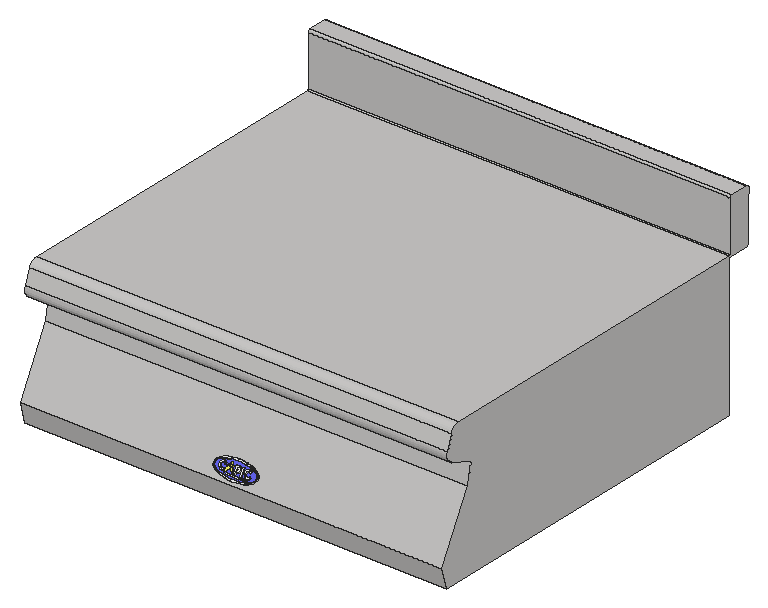
Revit family "QF_CAPIC_AVEN_W540608", category Equipement spécialisé, Revit 2018
Family settings
  Cote de connecteur circulaire = Utiliser le diamètre
  Type d'élément = Normal
  Numéro OmniClass = 23.40.40.14
  Titre OmniClass = Food Service Equipment
  Basée sur le plan de construction = Non
  Toujours verticalement = Oui
  Couper avec des vides une fois chargée = Non
  Partagée = Non
  Point de calcul de pièce = Non
Parameters (values of type "800 x 725 x 270 mm")
  URL catalogue = "http://www.capic-fr.com/fr/"
  Type de Raccord Plomberie [instance] = ""
  Type de Raccord Electrique [instance] = ""
  Type de Gaz = ""
  Type article [instance] = ""
  Tension = 0 V
  Spécification du Fabricant = ""
  Show Logo [instance] = yes
  Remarques evacuation [instance] = ""
  Remarques Plomberie [instance] = ""
  Remarques Electricité [instance] = ""
  Puissance électrique  = 0 W
  Puissance Gaz kW = 0
  Profondeur hors tout = 725 mm
  Pression Maximum Eau Adoucie = 0.0 Pa
  Poids net à vide = 15.00 kg
  Phase = 0
  Modèle = "W540608"
  Longueur hors tout = 800 mm
  Intensité nominale = 0 A
  Hauteur hors tout = 390 mm
  Hauteur de Raccordement du Sol Finis = 0 mm
  Hauteur de Raccordement Gaz du Sol Finis = 0 mm
  Hauteur de Raccordement Evacuation Directe du Sol Finis = 0 mm
  Hauteur de Raccordement Eau Froide du Sol Finis = 0 mm
  Hauteur de Raccordement Eau Chaude du Sol Finis = 0 mm
  Hauteur de Raccordement Eau Adoucie du Sol Finis = 0 mm
  Fréquence = 0 Hz
  Fabricant = "CAPIC"
  Débit d'air d'extraction = 0.0 m³/h
  Débit Gaz = 0.0 L/s
  Débit Eau Froide = 0.0 L/s
  Débit Eau Chaude = 0.0 L/s
  Débit Eau Adoucie = 0.0 L/s
  Diamètre de Raccordement Gaz = 0 mm
  Diamètre de Raccordement Evacuation = 0 mm
  Diamètre de Raccordement Eau Froide = 0 mm
  Diamètre de Raccordement Eau Chaude = 0 mm
  Diamètre de Raccordement Eau Adoucie = 0 mm
  Description = "Plan neutre dessus seul"
  Assembly Code = ""
  Classification  Omniclass nombre et titre = "23.40.40.14"
Reference planes
  plane 1 "Centre (avant/arrière)": y = 0
  plane 2: z = 0
  plane 3 "Centre (gauche/droite)": x = 0
  plane 4: x = 800
Forms (mm)
  Extrusion 1, solid, material "QF_Stainless Steel-Brushed"
    sketch origin (0, -45.05, 638) x (0, 1, 0) y (0, 0, 1)
      loop
        line (1.05, 270.397) -> (-641.347, 270.397)
        arc (-641.347, 270.397) -> (-651.671, 267.142) -> (-658.261, 258.553) r 18
        line (-658.261, 258.553) -> (-667.837, 232.245)
        arc (-667.837, 232.245) -> (-667.236, 218.482) -> (-657.078, 209.174) r 18
        line (-657.078, 209.174) -> (-613.251, 193.222) -> (-619.754, 152.161) -> (-680.074, 38.717) -> (-668.972, 0) -> (0, 0) -> (0, 268.397) -> (42.05, 268.397) -> (44.05, 270.397) -> (44.05, 356.397) -> (45.05, 356.397) -> (45.05, 368.397)
        arc (45.05, 368.397) -> (43.878, 371.225) -> (41.05, 372.397) r 4
        line (41.05, 372.397) -> (7.05, 372.397)
        arc (7.05, 372.397) -> (4.222, 371.225) -> (3.05, 368.397) r 4
        line (3.05, 368.397) -> (3.05, 272.397)
        arc (3.05, 272.397) -> (2.464, 270.983) -> (1.05, 270.397) r 2
    from 0 to 800
Dimensions and locks
  "Longueur hors tout": plane 3 "Centre (gauche/droite)" to plane 4
  aligned and locked: level to plane 2
  aligned and locked: plane 4 to Extrusion 1
  aligned and locked: Extrusion 1 to plane 3 "Centre (gauche/droite)"
Automatic sketch dimensions
  level to Extrusion 1 sketch curve = 638 mm
  plane 1 "Centre (avant/arrière)" to Extrusion 1 sketch curve = 45.05 mm
  level to Extrusion 1 sketch curve = 831.222 mm
  plane 1 "Centre (avant/arrière)" to Extrusion 1 sketch curve = 658.301 mm
  level to Extrusion 1 sketch curve = 790.161 mm
  Extrusion 1 sketch curve to Extrusion 1 sketch curve = 6.503 mm
  Extrusion 1 sketch curve to Extrusion 1 sketch curve = 28.096 mm
  Extrusion 1 sketch curve to Extrusion 1 sketch curve = 9.575 mm
  level to Extrusion 1 sketch curve = 847.174 mm
  Extrusion 1 sketch curve to Extrusion 1 sketch curve = 6.156 mm  (x2)
  level to Extrusion 1 sketch curve = 896.553 mm
  Extrusion 1 sketch curve to Extrusion 1 sketch curve = 16.914 mm  (x2)
  level to Extrusion 1 sketch curve = 870.245 mm
  Extrusion 1 sketch curve to Extrusion 1 sketch curve = 49.218 mm
  level to Extrusion 1 sketch curve = 676.717 mm
  Extrusion 1 sketch curve to Extrusion 1 sketch curve = 11.102 mm
  plane 1 "Centre (avant/arrière)" to Extrusion 1 sketch curve = 44 mm
  plane 1 "Centre (avant/arrière)" to Extrusion 1 sketch curve = 42 mm
  Extrusion 1 sketch curve to Extrusion 1 sketch curve = 4 mm  (x2)
  Extrusion 1 sketch curve to Extrusion 1 sketch curve = 34 mm
  Extrusion 1 sketch curve to Extrusion 1 sketch curve = 39 mm
  Extrusion 1 sketch curve to Extrusion 1 sketch curve = 3 mm
  Extrusion 1 sketch curve to Extrusion 1 sketch curve = 1 mm
  Extrusion 1 sketch curve to Extrusion 1 sketch curve = 2 mm
  Extrusion 1 sketch curve to Extrusion 1 sketch curve = 86 mm
  Extrusion 1 sketch curve to Extrusion 1 sketch curve = 12 mm
Nested families
  nested 1: "QF_Details_LogoCapic" at (400, -713.73, 698.145) x (1, 0, 0) z (0, -0.8829, 0.4695), visible <- "Show Logo", type "QF_Details_LogoCapic"
Definition of nested family "QF_Details_LogoCapic"
  Parameters (values of type "QF_Details_LogoCapic")
    Default Elevation = 1219.2 mm
  Reference planes
    plane 1 "Centre (avant/arrière)": y = 0
    plane 2: z = 0
    plane 3 "Centre (gauche/droite)": x = 0
  Forms (mm)
    Extrusion 1, solid
      sketch origin (0, 0, 0) x (1, 0, 0) y (0, 1, 0)
        loop
          line (-1219.2, 1219.2) -> (-1219.2, -1219.2) -> (1219.2, -1219.2) -> (1219.2, 1219.2) -> (-1219.2, 1219.2)
      from 0 to -304.8
    Extrusion 2, solid
      sketch origin (0, 0, 0) x (1, 0, 0) y (0, 1, 0)
        loop
          spline (42.486, 0) -> (41.038, 4.53) -> (36.793, 8.751) -> (30.041, 12.376) -> (21.24, 15.157) -> (10.992, 16.906) -> (-0.005, 17.502) -> (-11.003, 16.906) -> (-21.251, 15.157) -> (-30.051, 12.376) -> (-36.804, 8.751) -> (-41.048, 4.53) -> (-42.496, 0)
          spline (-42.496, 0) -> (-41.048, -4.53) -> (-36.804, -8.751) -> (-30.051, -12.376) -> (-21.251, -15.157) -> (-11.003, -16.906) -> (-0.005, -17.502) -> (10.992, -16.906) -> (21.24, -15.157) -> (30.041, -12.376) -> (36.793, -8.751) -> (41.038, -4.53) -> (42.486, 0)
        loop
          spline (40.459, 0) -> (39.08, 4.005) -> (35.038, 7.737) -> (28.607, 10.942) -> (20.227, 13.401) -> (10.468, 14.947) -> (-0.005, 15.474) -> (-10.478, 14.947) -> (-20.237, 13.401) -> (-28.618, 10.942) -> (-35.048, 7.737) -> (-39.091, 4.005) -> (-40.47, 0)
          spline (-40.47, 0) -> (-39.091, -4.005) -> (-35.048, -7.737) -> (-28.618, -10.942) -> (-20.237, -13.401) -> (-10.478, -14.947) -> (-0.005, -15.474) -> (10.468, -14.947) -> (20.227, -13.401) -> (28.607, -10.942) -> (35.038, -7.737) -> (39.08, -4.005) -> (40.459, 0)
      from 0 to 1
    Extrusion 3, solid
      sketch origin (0, 0, 0) x (1, 0, 0) y (0, 1, 0)
        loop
          spline (-40.47, 0) -> (-39.085, -4.012) -> (-35.047, -7.734) -> (-28.617, -10.941) -> (-20.237, -13.401) -> (-10.478, -14.946) -> (-0.005, -15.474) -> (10.468, -14.947) -> (20.227, -13.401) -> (28.606, -10.942) -> (35.038, -7.737) -> (39.081, -4.004) -> (40.459, 0)
          spline (40.459, 0) -> (39.075, 4.012) -> (35.037, 7.734) -> (28.607, 10.941) -> (20.227, 13.401) -> (10.467, 14.946) -> (-0.005, 15.474) -> (-10.478, 14.947) -> (-20.237, 13.401) -> (-28.617, 10.942) -> (-35.048, 7.737) -> (-39.091, 4.004) -> (-40.47, 0)
      from 0 to 1
    Extrusion 4, solid
      sketch origin (0, 0, 0.5) x (1, 0, 0) y (0, 1, 0)
        loop
          line (-20.944, 3.897) -> (-18.992, 5.849)
          arc (-18.992, 5.849) -> (-30.967, 0.712) -> (-18.902, -4.211) r 7.063
          line (-18.902, -4.211) -> (-20.854, -2.259)
          arc (-20.854, -2.259) -> (-28.207, 0.712) -> (-20.944, 3.897) r 4.303
      from 0 to 1
    Extrusion 5, solid
      sketch origin (0, 0, 0.5) x (1, 0, 0) y (0, 1, 0)
        loop
          line (-1.061, 7.837) -> (-1.061, -6.288) -> (1.738, -6.288) -> (1.738, -2.065) -> (4.782, -2.065)
          spline (4.782, -2.065) -> (5.836, -1.896) -> (6.819, -1.402) -> (7.663, -0.615) -> (8.311, 0.411) -> (8.718, 1.605) -> (8.856, 2.886) -> (8.718, 4.168) -> (8.311, 5.362) -> (7.663, 6.387) -> (6.819, 7.174) -> (5.836, 7.669) -> (4.782, 7.837)
          line (4.782, 7.837) -> (-1.061, 7.837)
        loop
          line (1.738, 5.077) -> (1.738, 0.775) -> (4.418, 0.775)
          spline (4.418, 0.775) -> (4.819, 0.848) -> (5.193, 1.063) -> (5.514, 1.405) -> (5.761, 1.85) -> (5.916, 2.369) -> (5.969, 2.926) -> (5.916, 3.483) -> (5.761, 4.002) -> (5.514, 4.447) -> (5.193, 4.789) -> (4.819, 5.004) -> (4.418, 5.077)
          line (4.418, 5.077) -> (1.738, 5.077)
      from 0 to 1
    Extrusion 6, solid
      sketch origin (0, 0, 0.5) x (1, 0, 0) y (0, 1, 0)
        loop
          line (11.122, 7.837) -> (11.122, -6.288) -> (14.009, -6.288) -> (14.009, 7.837) -> (11.122, 7.837)
      from 0 to 1
    Extrusion 7, solid
      sketch origin (47.835, 0, 0.5) x (1, 0, 0) y (0, 1, 0)
        loop
          line (-20.944, 3.897) -> (-18.992, 5.849)
          arc (-18.992, 5.849) -> (-30.967, 0.712) -> (-18.902, -4.211) r 7.063
          line (-18.902, -4.211) -> (-20.854, -2.259)
          arc (-20.854, -2.259) -> (-28.207, 0.712) -> (-20.944, 3.897) r 4.303
      from 0 to 1
    Extrusion 8, solid
      sketch origin (0, 0, 0.5) x (1, 0, 0) y (0, 1, 0)
        loop
          line (-14.086, -8.467) -> (-14.086, -10.703) -> (-0.382, -10.703) -> (-0.382, -8.467) -> (-14.086, -8.467)
        loop
          line (1.692, -7.694) -> (1.692, -10.703) -> (10.598, -10.703) -> (10.598, -7.694) -> (1.692, -7.694)
        loop
          circle (14.095, -9.117) r 1.311
        loop
          circle (18.365, -9.117) r 1.311
        loop
          circle (22.635, -9.117) r 1.311
      from 0 to 1
    Extrusion 9, solid
      sketch origin (0, 0, 0.5) x (1, 0, 0) y (0, 1, 0)
        loop
          arc (-10.078, 10.027) -> (-16.152, 0.742) -> (-18.987, -9.985) r 34.734
          arc (-18.987, -9.985) -> (-13.545, -2.96) -> (-7.054, 3.109) r 55.667
          line (-7.054, 3.109) -> (-10.078, 10.027)
        loop
          line (-10.891, 5.813) -> (-12.476, 3.068) -> (-9.306, 3.068) -> (-10.891, 5.813)
      from 0 to 1
    Extrusion 10, solid
      sketch origin (0, 0, 0.5) x (1, 0, 0) y (0, 1, 0)
        loop
          line (-17.978, 3.413) -> (-16.228, 2.092) -> (-14.209, 5.589) -> (-17.978, 3.413)
        loop
          line (-7.246, 5.196) -> (-6.474, 3.433) -> (-3.608, 5.838) -> (-7.246, 5.196)
        loop
          line (-10.905, -1.415) -> (-2.534, -6.652) -> (-6.862, 2.629) -> (-10.905, -1.415)
      from 0 to 1
  Dimensions and locks
    aligned and locked: plane 2 to Extrusion 1
    aligned and locked: level to Extrusion 1
